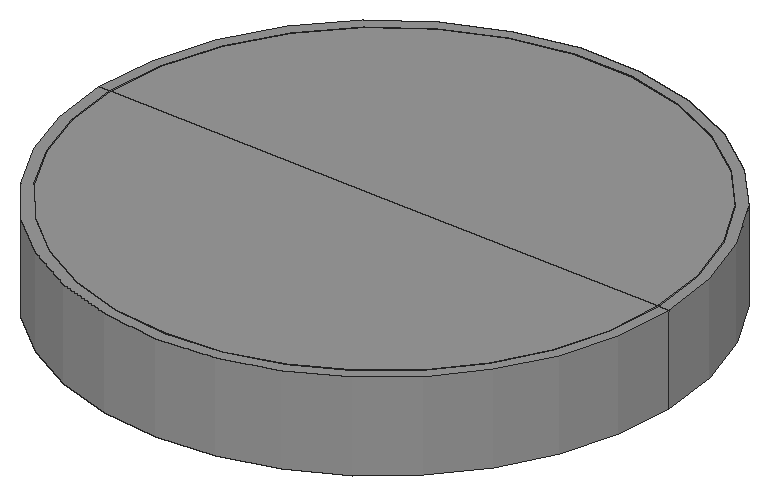
Revit family "4061100", category Lighting Fixtures, host Face, Revit 2016
Family settings
  Host = Face
  Part Type = Normal
  Round Connector Dimension = Use Diameter
  OmniClass Number = 23.80.70.00
  OmniClass Title = Lighting
  Cut with Voids When Loaded = No
  Light Source = Yes
  Shared = No
  Room Calculation Point = No
Parameters (values of type "4061100 COLOSSAL 3400LM 830 WHT")
  Weight = "kg"
  Wattage Comments = ""
  Wattage = 30 W
  WarrantyStartDate [instance] = "n/a"
  WarrantyGuarantorParts = "n/a"
  WarrantyDurationUnit = "n/a"
  WarrantyDurationParts = "n/a"
  WarrantyDescription = "n/a"
  built-in parameter 1150110 = 1 (stored number, unit not read)
  Voltage = 230 V
  URL = "http://www.sylvania-lighting.com"
  TypeName = "Colossal 3400lm 830 WHT"
  Type Image = <None>
  Type Comments = "n/a"
  built-in parameter 1114217 = 1 (stored number, unit not read)
  Tilt Angle = -90.00°
  built-in parameter 1150109 = 1 (stored number, unit not read)
  built-in parameter 1150134 = (empty or 0)
  built-in parameter 1150113 = 1 (stored number, unit not read)
  SerialNumber [instance] = "n/a"
  Photometric Web File = "4061100.ies"
  Material_3_SYL = LED-Sylvania
  PowerFactor = 0
  PowerConsumption = "30 W"
  NominalLength = 400 mm
  NominalHeight = 87 mm
  NominalDepth = 400 mm
  Name = "Colossal 3400lm 830 WHT"
  ModelReference = Name  # "Colossal 3400lm 830 WHT"
  ModelNumber = "4061100"
  Model = Name  # "Colossal 3400lm 830 WHT"
  Material = "n/a"
  ManufacturerName = "Feilo Sylvania"
  Manufacturer = "Feilo Sylvania"
  LuminousEfficacy = "n/a"
  built-in parameter 1150105 = 270.44 (stored number, unit not read)
  Lumens = 3398.4 lm
  LuminaireType = ""
  built-in parameter 1150115 = 1 (stored number, unit not read)
  LightOutputRatio = "n/a"
  built-in parameter 1150137 = (empty or 0)
  built-in parameter 1150139 = (empty or 0)
  LampsType = Lamp  # "LED"
  LampNominalLuminous = "3398 lm"
  LampMacAdamStep = "n/a"
  LampColourTemperature = "3000 K"
  LampColourRenderingIndex = "n/a"
  built-in parameter 1150112 = 1 (stored number, unit not read)
  built-in parameter 1150114 = 1 (stored number, unit not read)
  Lamp = "LED"
  Keynote = "16500"
  InstallationDate [instance] = "n/a"
  InputVoltage = "230-240 V~"
  InputNominalFrequency = "50/60 Hz"
  built-in parameter 1150132 = (empty or 0)
  built-in parameter 1150102 = (empty or 0)
  built-in parameter 1150107 = 3000 (stored number, unit not read)
  built-in parameter 1150138 = (empty or 0)
  IngressProtection = "IP40"
  ImpactProtectionIndex = "IK02"
  built-in parameter 1150106 = 2.7044 (stored number, unit not read)
  IfcExportType = "IfcLightFixtureType"
  IfcExportAs = "IfcLightFixtureType"
  Emit from Circle Diameter = 385 mm
  Emit Shape Visible in Rendering = no
  ElectricShockClassification = "Class I"
  built-in parameter 1150104 = 10.524 (stored number, unit not read)
  DocumentationLiterature = "http://www.sylvania-lighting.com/product/en-int/products/4061100"
  DimmingControlOptions = "Dimmable"
  Material_2_SYL = Polycarbonate_Sylvania_White
  Dimming Lamp Color Temperature Shift = <None>
  Description = "Large 400 mm diameter circular architectural luminaire, can be surface mounted or suspended, aluminium housing with polycarbonate opal diffuser, 3400 lm, 30W, 113 lm/W, 3000K, CRI 80, 50,000 hours, IP40, IK03, Class 1, 220-240V, Energy class A++"
  Default Elevation = 1219.2 mm
  CreatedOn = "3/7/2019"
  CreatedBy = "@sylvania-lighting.com"
  Cost = 0
  Color Filter = 16777215
  built-in parameter 1114216 [instance] = (empty or 0)
  ClassificationValue = "EF_70_80"
  ClassificationName = "Uniclass2015"
  Material_1_SYL = Polycarbonate_Sylvania_Opal
  BarCode [instance] = "n/a"
  built-in parameter 1114218 = 1 (stored number, unit not read)
  built-in parameter 1150133 = 10 (stored number, unit not read)
  AssetType = "Fixed"
  AssetIdentifier [instance] = "n/a"
  Assembly Code = "D5020200"
  Apparent Load = 30 VA
  Material_4_SYL = none
Reference planes
  plane 1 "Center (Front/Back)": y = 0
  plane 2: z = 0
  plane 3 "Center (Left/Right)": x = 0
  plane 4: x = -200
  plane 5: x = -120
  plane 6: z = 87
  plane 7: z = 25
  plane 8: x = -192.5
  plane 9: z = 40
Forms (mm)
  Revolve 1, solid, material "Polycarbonate_Sylvania_White" <- "Material_2_SYL"
    sketch origin (0, 0, 0) x (1, 0, 0) y (0, 0, 1)
      loop
        line (0, 0) -> (0, 40) -> (-192.5, 40) -> (-192.5, 87) -> (-200, 87) -> (-200, 25) -> (-120, 25) -> (-120, 0) -> (0, 0)
      axis (0, 87) -> (0, 0)
    angle from 360 to 0
  Revolve 2, solid, material "Polycarbonate_Sylvania_Opal" <- "Material_1_SYL"
    sketch origin (0, 0, 0) x (1, 0, 0) y (0, 0, 1)
      loop
        line (0, 87) -> (-192.5, 87) -> (-192.5, 40) -> (0, 40) -> (0, 87)
      axis (0, 87) -> (0, 40)
    angle from 360 to 0
Dimensions and locks
  plane 6 to plane 7 to level = 62 mm locked, 25 mm locked
  plane 3 "Center (Left/Right)" to plane 5 to plane 8 to plane 4 = 120 mm locked, 72.5 mm locked, 7.5 mm locked
  locked: plane 9 to plane 7 at 15
  aligned and locked: plane 2 to host face
  aligned and locked: level to host face
  aligned and locked: Revolve 1 sketch curve to plane 3 "Center (Left/Right)"  (x2)
  aligned and locked: plane 3 "Center (Left/Right)" to Revolve 1 sketch curve
  aligned and locked: level to Revolve 1 sketch curve
  aligned and locked: plane 5 to Revolve 1 sketch curve
  aligned and locked: Revolve 1 sketch curve to plane 7
  aligned and locked: plane 6 to Revolve 1 sketch curve  (x2)
  aligned and locked: plane 8 to Revolve 1 sketch curve
  aligned and locked: Revolve 1 sketch curve to plane 8
  aligned and locked: plane 9 to Revolve 1 sketch curve
  aligned and locked: Revolve 2 sketch curve to plane 3 "Center (Left/Right)"
  aligned and locked: Revolve 2 sketch curve to Revolve 1  (x3)
  aligned and locked: plane 3 "Center (Left/Right)" to Revolve 2 sketch curve
  aligned and locked: plane 3 "Center (Left/Right)" to imposter light
  aligned and locked: imposter light to plane 6
  aligned and locked: imposter light to plane 1 "Center (Front/Back)"
Connectors
  electrical at (0, 0, 0), driven by "Apparent Load", driven by "PowerFactor", driven by "Voltage"
    settings: index 1, voltage 230 V, apparent load 30 VA, apparent load phase1 0 VA, apparent load phase2 0 VA, apparent load phase3 0 VA, power factor 0, load classification "Lighting", number of poles 1, system type 30, power factor state 1, is connector primary yes, connector utility no, sub classification motor no, connector description ""
